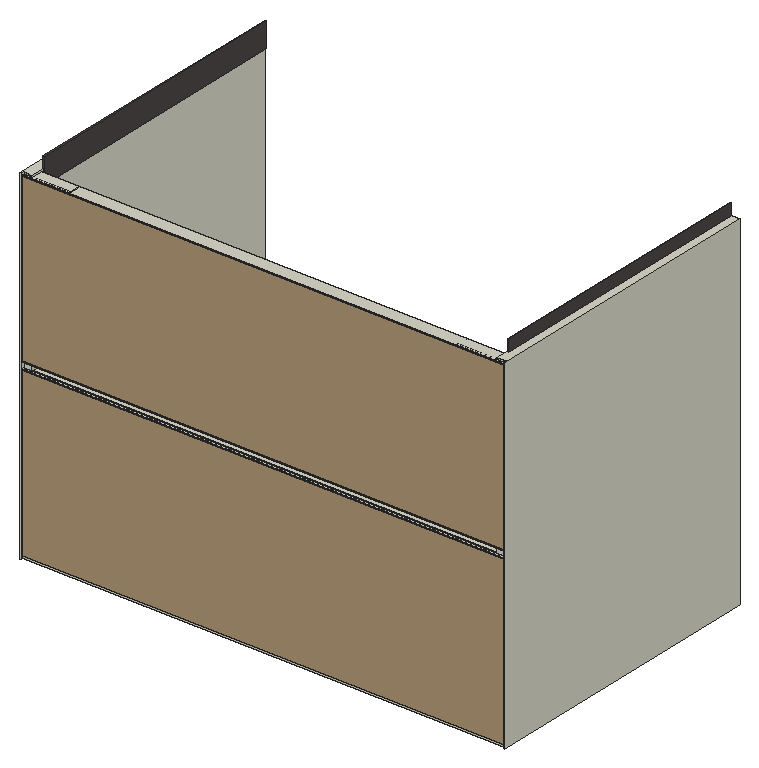
Revit family "vanity unit-hansgrohe-54179XXX-Xevolos E Vanity unit Sand Matt Beige 780_475 with 2 drawers for washbasin", category Furniture, Revit 2019
Family settings
  OmniClass Number = 23.40.00.00
  OmniClass Title = Equipment and Furnishings
  Work Plane-Based = No
  Always vertical = Yes
  Cut with Voids When Loaded = No
  Shared = Yes
  Room Calculation Point = No
Parameters (values of type "54179390-SAND_MATT_BEIGE-PATTEREND_BRONZE-400")
  etim7_EC011381 = "EC011381"
  WEIGHT = "35.4"
  UNSPSC = "56 | Furniture and Furnishings"
  UNIFORMATII = "E2010 | Fixed Furnishings"
  UNICLASS_2015_CODE = "40_30_78_05"
  UNICLASS2015 = "Pr_40_30_78_05 | Bathroom furniture"
  SURFACE = "PATTEREND_BRONZE"
  REGION = "Worldwide"
  PRODUCTURL = "https://pro.hansgrohe.com/articledetail--54179790"
  PERMALINK = "54179XXX"
  OMNICLASS = "23-21 19 15 33 13 | Residential Bathroom Specialty Casework"
  OBJECTTYPE = "Object (single object)"
  OBERFLAECHE = "SAND_MATT_BEIGE"
  NN = "Vanity unit with 2 drawers for handrinse basin"
  NBSYN = "$ARTNR.-$OBERFLAECHE.-$SURFACE.-$LODLEVEL."
  NB = "54179390-SAND_MATT_BEIGE-PATTEREND_BRONZE-400"
  NAME = "Xevolos E Vanity unit Sand Matt Beige 780/475 with 2 drawers for washbasin"
  Model = "54179390-SAND_MATT_BEIGE-PATTEREND_BRONZE-400"
  Manufacturer = "Hansgrohe"
  MIdent = "{$CADENAS_DATA/23d-libs/hansgrohe/xevolos_furniture/xevolos_vanity_unit_2_drawers_handrinse_basin/vanity_unit_2_drawers_for_handrinse_basin.prj},279 {VTYP=3D},{NB=54179390-SAND_MATT_BEIGE-PATTEREND_BRONZE-400},{LINA=54179390-SAND_MATT_BEIGE-PATTEREND_BRONZE-400},{NN=Vanity unit with 2 drawers for handrinse basin},{DATE=13.03.2023 12:26:32},{GEOMDATE=12.03.2023 06:54:00},{VERSION=},{LINEID=710},{WBVAR=LODLEVEL},{WBNUMERIC=}  {NB=54179390-SAND_MATT_BEIGE-PATTEREND_BRONZE-400},{LINA=54179390-SAND_MATT_BEIGE-PATTEREND_BRONZE-400},{KT=DUMMY},{IDNR=22},{ARTNR=54179390},{BASENUMBER=54179},{MODEL=54179XXX},{OBERFLAECHE=SAND_MATT_BEIGE},{SURFACE=PATTEREND_BRONZE},{L=780},{LODLEVEL=400},{LODLEVELX='400','400','200','200'},{NAME=Xevolos E Vanity unit Sand Matt Beige 780/475 with 2 drawers for washbasin},{PERMALINK=54179XXX},{OBJECTTYPE=Object (single object)},{BIMOBJECT=Sanitary: Compound units},{COLLECTIONSET=Xevolos E},{COLLECTION=vanity unit},{WEIGHT=35.4},{DESCRIPTION=Xevolos E Vanity unit Sand Matt Beige 780/475 with 2 drawers for washbasin},{PRODUCTURL=https://pro.hansgrohe.com/articledetail--54179790},{GTINCODE=0},{TENDERURL=0},{IFC=Furnishing element},{ETIM=EC011381 | Bathroom furniture set},{UNICLASS2015=Pr_40_30_78_05 | Bathroom furniture},{OMNICLASS=23-21 19 15 33 13 | Residential Bathroom Specialty Casework},{MASTERFORMAT=12 35 30.23 | Bathroom Casework},{UNSPSC=56 | Furniture and Furnishings},{UNIFORMATII=E2010 | Fixed Furnishings},{REGION=Worldwide},{DESIGN=Germany},{MANUFACTURER=Germany}"
  MASTERFORMAT = "12 35 30.23 | Bathroom Casework"
  LODLEVEL = "400"
  LINA = "54179390-SAND_MATT_BEIGE-PATTEREND_BRONZE-400"
  L = 780
  IFC = "Furnishing element"
  IDNR = 22
  ETIM = "EC011381 | Bathroom furniture set"
  DESIGN = "Germany"
  COLLECTIONSET = "Xevolos E"
  COLLECTION = "vanity unit"
  CATALOG = "Hansgrohe"
  BIMOBJECT = "Sanitary: Compound units"
  BASENUMBER = "54179"
  ARTNR = "54179390"
  54179790-SAND_MATT_BEIGE-METALLIC_SAND_BEIGE-400_RX0RY0RZ0TX0TY0TZ0_V = no
  54179790-SAND_MATT_BEIGE-METALLIC_SAND_BEIGE-200_RX0RY0RZ0TX0TY0TZ0_V = no
  54179730-SAND_MATT_BEIGE-DARK_OAK-400_RX0RY0RZ0TX0TY0TZ0_V = no
  54179730-SAND_MATT_BEIGE-DARK_OAK-200_RX0RY0RZ0TX0TY0TZ0_V = no
  54179390-SAND_MATT_BEIGE-PATTEREND_BRONZE-400_RX0RY0RZ0TX0TY0TZ0_V = yes
  54179390-SAND_MATT_BEIGE-PATTEREND_BRONZE-200_RX0RY0RZ0TX0TY0TZ0_V = no
Types (6, lengths in mm): name | SURFACE | NB | Model | MIdent | LODLEVEL | LINA | IDNR | ARTNR | 54179790-SAND_MATT_BEIGE-METALLIC_SAND_BEIGE-400_RX0RY0RZ0TX0TY0TZ0_V | 54179790-SAND_MATT_BEIGE-METALLIC_SAND_BEIGE-200_RX0RY0RZ0TX0TY0TZ0_V | 54179730-SAND_MATT_BEIGE-DARK_OAK-400_RX0RY0RZ0TX0TY0TZ0_V | 54179730-SAND_MATT_BEIGE-DARK_OAK-200_RX0RY0RZ0TX0TY0TZ0_V | 54179390-SAND_MATT_BEIGE-PATTEREND_BRONZE-400_RX0RY0RZ0TX0TY0TZ0_V | 54179390-SAND_MATT_BEIGE-PATTEREND_BRONZE-200_RX0RY0RZ0TX0TY0TZ0_V
  54179390-SAND_MATT_BEIGE-PATTEREND_BRONZE-200 | "PATTEREND_BRONZE" | "54179390-SAND_MATT_BEIGE-PATTEREND_BRONZE-200" | "54179390-SAND_MATT_BEIGE-PATTEREND_BRONZE-200" | "{$CADENAS_DATA/23d-libs/hansgrohe/xevolos_furniture/xevolos_vanity_unit_2_drawers_handrinse_basin/vanity_unit_2_drawers_for_handrinse_basin.prj},279 {VTYP=3D},{NB=54179390-SAND_MATT_BEIGE-PATTEREND_BRONZE-200},{LINA=54179390-SAND_MATT_BEIGE-PATTEREND_BRONZE-200},{NN=Vanity unit with 2 drawers for handrinse basin},{DATE=13.03.2023 12:26:32},{GEOMDATE=12.03.2023 06:54:00},{VERSION=},{LINEID=710},{WBVAR=LODLEVEL},{WBNUMERIC=}  {NB=54179390-SAND_MATT_BEIGE-PATTEREND_BRONZE-200},{LINA=54179390-SAND_MATT_BEIGE-PATTEREND_BRONZE-200},{KT=DUMMY},{IDNR=22},{ARTNR=54179390},{BASENUMBER=54179},{MODEL=54179XXX},{OBERFLAECHE=SAND_MATT_BEIGE},{SURFACE=PATTEREND_BRONZE},{L=780},{LODLEVEL=200},{LODLEVELX='400','400','200','200'},{NAME=Xevolos E Vanity unit Sand Matt Beige 780/475 with 2 drawers for washbasin},{PERMALINK=54179XXX},{OBJECTTYPE=Object (single object)},{BIMOBJECT=Sanitary: Compound units},{COLLECTIONSET=Xevolos E},{COLLECTION=vanity unit},{WEIGHT=35.4},{DESCRIPTION=Xevolos E Vanity unit Sand Matt Beige 780/475 with 2 drawers for washbasin},{PRODUCTURL=https://pro.hansgrohe.com/articledetail--54179790},{GTINCODE=0},{TENDERURL=0},{IFC=Furnishing element},{ETIM=EC011381 | Bathroom furniture set},{UNICLASS2015=Pr_40_30_78_05 | Bathroom furniture},{OMNICLASS=23-21 19 15 33 13 | Residential Bathroom Specialty Casework},{MASTERFORMAT=12 35 30.23 | Bathroom Casework},{UNSPSC=56 | Furniture and Furnishings},{UNIFORMATII=E2010 | Fixed Furnishings},{REGION=Worldwide},{DESIGN=Germany},{MANUFACTURER=Germany}" | "200" | "54179390-SAND_MATT_BEIGE-PATTEREND_BRONZE-200" | 22 | "54179390" | no | no | no | no | no | yes
  54179390-SAND_MATT_BEIGE-PATTEREND_BRONZE-400 | "PATTEREND_BRONZE" | "54179390-SAND_MATT_BEIGE-PATTEREND_BRONZE-400" | "54179390-SAND_MATT_BEIGE-PATTEREND_BRONZE-400" | "{$CADENAS_DATA/23d-libs/hansgrohe/xevolos_furniture/xevolos_vanity_unit_2_drawers_handrinse_basin/vanity_unit_2_drawers_for_handrinse_basin.prj},279 {VTYP=3D},{NB=54179390-SAND_MATT_BEIGE-PATTEREND_BRONZE-400},{LINA=54179390-SAND_MATT_BEIGE-PATTEREND_BRONZE-400},{NN=Vanity unit with 2 drawers for handrinse basin},{DATE=13.03.2023 12:26:32},{GEOMDATE=12.03.2023 06:54:00},{VERSION=},{LINEID=710},{WBVAR=LODLEVEL},{WBNUMERIC=}  {NB=54179390-SAND_MATT_BEIGE-PATTEREND_BRONZE-400},{LINA=54179390-SAND_MATT_BEIGE-PATTEREND_BRONZE-400},{KT=DUMMY},{IDNR=22},{ARTNR=54179390},{BASENUMBER=54179},{MODEL=54179XXX},{OBERFLAECHE=SAND_MATT_BEIGE},{SURFACE=PATTEREND_BRONZE},{L=780},{LODLEVEL=400},{LODLEVELX='400','400','200','200'},{NAME=Xevolos E Vanity unit Sand Matt Beige 780/475 with 2 drawers for washbasin},{PERMALINK=54179XXX},{OBJECTTYPE=Object (single object)},{BIMOBJECT=Sanitary: Compound units},{COLLECTIONSET=Xevolos E},{COLLECTION=vanity unit},{WEIGHT=35.4},{DESCRIPTION=Xevolos E Vanity unit Sand Matt Beige 780/475 with 2 drawers for washbasin},{PRODUCTURL=https://pro.hansgrohe.com/articledetail--54179790},{GTINCODE=0},{TENDERURL=0},{IFC=Furnishing element},{ETIM=EC011381 | Bathroom furniture set},{UNICLASS2015=Pr_40_30_78_05 | Bathroom furniture},{OMNICLASS=23-21 19 15 33 13 | Residential Bathroom Specialty Casework},{MASTERFORMAT=12 35 30.23 | Bathroom Casework},{UNSPSC=56 | Furniture and Furnishings},{UNIFORMATII=E2010 | Fixed Furnishings},{REGION=Worldwide},{DESIGN=Germany},{MANUFACTURER=Germany}" | "400" | "54179390-SAND_MATT_BEIGE-PATTEREND_BRONZE-400" | 22 | "54179390" | no | no | no | no | yes | no
  54179730-SAND_MATT_BEIGE-DARK_OAK-200 | "DARK_OAK" | "54179730-SAND_MATT_BEIGE-DARK_OAK-200" | "54179730-SAND_MATT_BEIGE-DARK_OAK-200" | "{$CADENAS_DATA/23d-libs/hansgrohe/xevolos_furniture/xevolos_vanity_unit_2_drawers_handrinse_basin/vanity_unit_2_drawers_for_handrinse_basin.prj},263 {VTYP=3D},{NB=54179730-SAND_MATT_BEIGE-DARK_OAK-200},{LINA=54179730-SAND_MATT_BEIGE-DARK_OAK-200},{NN=Vanity unit with 2 drawers for handrinse basin},{DATE=13.03.2023 12:26:32},{GEOMDATE=12.03.2023 06:54:00},{VERSION=},{LINEID=720},{WBVAR=LODLEVEL},{WBNUMERIC=}  {NB=54179730-SAND_MATT_BEIGE-DARK_OAK-200},{LINA=54179730-SAND_MATT_BEIGE-DARK_OAK-200},{KT=DUMMY},{IDNR=23},{ARTNR=54179730},{BASENUMBER=54179},{MODEL=54179XXX},{OBERFLAECHE=SAND_MATT_BEIGE},{SURFACE=DARK_OAK},{L=780},{LODLEVEL=200},{LODLEVELX='400','400','200','200'},{NAME=Xevolos E Vanity unit Sand Matt Beige 780/475 with 2 drawers for washbasin},{PERMALINK=54179XXX},{OBJECTTYPE=Object (single object)},{BIMOBJECT=Sanitary: Compound units},{COLLECTIONSET=Xevolos E},{COLLECTION=vanity unit},{WEIGHT=35.4},{DESCRIPTION=Xevolos E Vanity unit Sand Matt Beige 780/475 with 2 drawers for washbasin},{PRODUCTURL=https://pro.hansgrohe.com/articledetail--54179790},{GTINCODE=0},{TENDERURL=0},{IFC=Furnishing element},{ETIM=EC011381 | Bathroom furniture set},{UNICLASS2015=Pr_40_30_78_05 | Bathroom furniture},{OMNICLASS=23-21 19 15 33 13 | Residential Bathroom Specialty Casework},{MASTERFORMAT=12 35 30.23 | Bathroom Casework},{UNSPSC=56 | Furniture and Furnishings},{UNIFORMATII=E2010 | Fixed Furnishings},{REGION=Worldwide},{DESIGN=Germany},{MANUFACTURER=Germany}" | "200" | "54179730-SAND_MATT_BEIGE-DARK_OAK-200" | 23 | "54179730" | no | no | no | yes | no | no
  54179730-SAND_MATT_BEIGE-DARK_OAK-400 | "DARK_OAK" | "54179730-SAND_MATT_BEIGE-DARK_OAK-400" | "54179730-SAND_MATT_BEIGE-DARK_OAK-400" | "{$CADENAS_DATA/23d-libs/hansgrohe/xevolos_furniture/xevolos_vanity_unit_2_drawers_handrinse_basin/vanity_unit_2_drawers_for_handrinse_basin.prj},263 {VTYP=3D},{NB=54179730-SAND_MATT_BEIGE-DARK_OAK-400},{LINA=54179730-SAND_MATT_BEIGE-DARK_OAK-400},{NN=Vanity unit with 2 drawers for handrinse basin},{DATE=13.03.2023 12:26:32},{GEOMDATE=12.03.2023 06:54:00},{VERSION=},{LINEID=720},{WBVAR=LODLEVEL},{WBNUMERIC=}  {NB=54179730-SAND_MATT_BEIGE-DARK_OAK-400},{LINA=54179730-SAND_MATT_BEIGE-DARK_OAK-400},{KT=DUMMY},{IDNR=23},{ARTNR=54179730},{BASENUMBER=54179},{MODEL=54179XXX},{OBERFLAECHE=SAND_MATT_BEIGE},{SURFACE=DARK_OAK},{L=780},{LODLEVEL=400},{LODLEVELX='400','400','200','200'},{NAME=Xevolos E Vanity unit Sand Matt Beige 780/475 with 2 drawers for washbasin},{PERMALINK=54179XXX},{OBJECTTYPE=Object (single object)},{BIMOBJECT=Sanitary: Compound units},{COLLECTIONSET=Xevolos E},{COLLECTION=vanity unit},{WEIGHT=35.4},{DESCRIPTION=Xevolos E Vanity unit Sand Matt Beige 780/475 with 2 drawers for washbasin},{PRODUCTURL=https://pro.hansgrohe.com/articledetail--54179790},{GTINCODE=0},{TENDERURL=0},{IFC=Furnishing element},{ETIM=EC011381 | Bathroom furniture set},{UNICLASS2015=Pr_40_30_78_05 | Bathroom furniture},{OMNICLASS=23-21 19 15 33 13 | Residential Bathroom Specialty Casework},{MASTERFORMAT=12 35 30.23 | Bathroom Casework},{UNSPSC=56 | Furniture and Furnishings},{UNIFORMATII=E2010 | Fixed Furnishings},{REGION=Worldwide},{DESIGN=Germany},{MANUFACTURER=Germany}" | "400" | "54179730-SAND_MATT_BEIGE-DARK_OAK-400" | 23 | "54179730" | no | no | yes | no | no | no
  54179790-SAND_MATT_BEIGE-METALLIC_SAND_BEIGE-200 | "METALLIC_SAND_BEIGE" | "54179790-SAND_MATT_BEIGE-METALLIC_SAND_BEIGE-200" | "54179790-SAND_MATT_BEIGE-METALLIC_SAND_BEIGE-200" | "{$CADENAS_DATA/23d-libs/hansgrohe/xevolos_furniture/xevolos_vanity_unit_2_drawers_handrinse_basin/vanity_unit_2_drawers_for_handrinse_basin.prj},285 {VTYP=3D},{NB=54179790-SAND_MATT_BEIGE-METALLIC_SAND_BEIGE-200},{LINA=54179790-SAND_MATT_BEIGE-METALLIC_SAND_BEIGE-200},{NN=Vanity unit with 2 drawers for handrinse basin},{DATE=13.03.2023 12:26:32},{GEOMDATE=12.03.2023 06:54:00},{VERSION=},{LINEID=730},{WBVAR=LODLEVEL},{WBNUMERIC=}  {NB=54179790-SAND_MATT_BEIGE-METALLIC_SAND_BEIGE-200},{LINA=54179790-SAND_MATT_BEIGE-METALLIC_SAND_BEIGE-200},{KT=DUMMY},{IDNR=24},{ARTNR=54179790},{BASENUMBER=54179},{MODEL=54179XXX},{OBERFLAECHE=SAND_MATT_BEIGE},{SURFACE=METALLIC_SAND_BEIGE},{L=780},{LODLEVEL=200},{LODLEVELX='400','400','200','200'},{NAME=Xevolos E Vanity unit Sand Matt Beige 780/475 with 2 drawers for washbasin},{PERMALINK=54179XXX},{OBJECTTYPE=Object (single object)},{BIMOBJECT=Sanitary: Compound units},{COLLECTIONSET=Xevolos E},{COLLECTION=vanity unit},{WEIGHT=35.4},{DESCRIPTION=Xevolos E Vanity unit Sand Matt Beige 780/475 with 2 drawers for washbasin},{PRODUCTURL=https://pro.hansgrohe.com/articledetail--54179790},{GTINCODE=0},{TENDERURL=0},{IFC=Furnishing element},{ETIM=EC011381 | Bathroom furniture set},{UNICLASS2015=Pr_40_30_78_05 | Bathroom furniture},{OMNICLASS=23-21 19 15 33 13 | Residential Bathroom Specialty Casework},{MASTERFORMAT=12 35 30.23 | Bathroom Casework},{UNSPSC=56 | Furniture and Furnishings},{UNIFORMATII=E2010 | Fixed Furnishings},{REGION=Worldwide},{DESIGN=Germany},{MANUFACTURER=Germany}" | "200" | "54179790-SAND_MATT_BEIGE-METALLIC_SAND_BEIGE-200" | 24 | "54179790" | no | yes | no | no | no | no
  54179790-SAND_MATT_BEIGE-METALLIC_SAND_BEIGE-400 | "METALLIC_SAND_BEIGE" | "54179790-SAND_MATT_BEIGE-METALLIC_SAND_BEIGE-400" | "54179790-SAND_MATT_BEIGE-METALLIC_SAND_BEIGE-400" | "{$CADENAS_DATA/23d-libs/hansgrohe/xevolos_furniture/xevolos_vanity_unit_2_drawers_handrinse_basin/vanity_unit_2_drawers_for_handrinse_basin.prj},285 {VTYP=3D},{NB=54179790-SAND_MATT_BEIGE-METALLIC_SAND_BEIGE-400},{LINA=54179790-SAND_MATT_BEIGE-METALLIC_SAND_BEIGE-400},{NN=Vanity unit with 2 drawers for handrinse basin},{DATE=13.03.2023 12:26:32},{GEOMDATE=12.03.2023 06:54:00},{VERSION=},{LINEID=730},{WBVAR=LODLEVEL},{WBNUMERIC=}  {NB=54179790-SAND_MATT_BEIGE-METALLIC_SAND_BEIGE-400},{LINA=54179790-SAND_MATT_BEIGE-METALLIC_SAND_BEIGE-400},{KT=DUMMY},{IDNR=24},{ARTNR=54179790},{BASENUMBER=54179},{MODEL=54179XXX},{OBERFLAECHE=SAND_MATT_BEIGE},{SURFACE=METALLIC_SAND_BEIGE},{L=780},{LODLEVEL=400},{LODLEVELX='400','400','200','200'},{NAME=Xevolos E Vanity unit Sand Matt Beige 780/475 with 2 drawers for washbasin},{PERMALINK=54179XXX},{OBJECTTYPE=Object (single object)},{BIMOBJECT=Sanitary: Compound units},{COLLECTIONSET=Xevolos E},{COLLECTION=vanity unit},{WEIGHT=35.4},{DESCRIPTION=Xevolos E Vanity unit Sand Matt Beige 780/475 with 2 drawers for washbasin},{PRODUCTURL=https://pro.hansgrohe.com/articledetail--54179790},{GTINCODE=0},{TENDERURL=0},{IFC=Furnishing element},{ETIM=EC011381 | Bathroom furniture set},{UNICLASS2015=Pr_40_30_78_05 | Bathroom furniture},{OMNICLASS=23-21 19 15 33 13 | Residential Bathroom Specialty Casework},{MASTERFORMAT=12 35 30.23 | Bathroom Casework},{UNSPSC=56 | Furniture and Furnishings},{UNIFORMATII=E2010 | Fixed Furnishings},{REGION=Worldwide},{DESIGN=Germany},{MANUFACTURER=Germany}" | "400" | "54179790-SAND_MATT_BEIGE-METALLIC_SAND_BEIGE-400" | 24 | "54179790" | yes | no | no | no | no | no
Reference planes
  plane 1 "Center (Front/Back)": y = 0
  plane 2: z = 0
  plane 3 "Center (Left/Right)": x = 0
Dimensions and locks
  aligned and locked: level to plane 2
Nested families
  nested 1: "54179390-sand_matt_beige-patterend_bronze-200_content" at (0, 0, 0), visible <- "54179390-SAND_MATT_BEIGE-PATTEREND_BRONZE-200_RX0RY0RZ0TX0TY0TZ0_V", ContentVisible <- "54179390-SAND_MATT_BEIGE-PATTEREND_BRONZE-200_RX0RY0RZ0TX0TY0TZ0_V", type "54179390-SAND_MATT_BEIGE-PATTEREND_BRONZE-200_Content"
    with ContentVisible no
  nested 2: "54179390-sand_matt_beige-patterend_bronze-400_content" at (0, 0, 0), visible <- "54179390-SAND_MATT_BEIGE-PATTEREND_BRONZE-400_RX0RY0RZ0TX0TY0TZ0_V", ContentVisible <- "54179390-SAND_MATT_BEIGE-PATTEREND_BRONZE-400_RX0RY0RZ0TX0TY0TZ0_V", type "54179390-SAND_MATT_BEIGE-PATTEREND_BRONZE-400_Content"
    with ContentVisible yes
  nested 3: "54179730-sand_matt_beige-dark_oak-200_content" at (0, 0, 0), visible <- "54179730-SAND_MATT_BEIGE-DARK_OAK-200_RX0RY0RZ0TX0TY0TZ0_V", ContentVisible <- "54179730-SAND_MATT_BEIGE-DARK_OAK-200_RX0RY0RZ0TX0TY0TZ0_V", type "54179730-SAND_MATT_BEIGE-DARK_OAK-200_Content"
    with ContentVisible no
  nested 4: "54179730-sand_matt_beige-dark_oak-400_content" at (0, 0, 0), visible <- "54179730-SAND_MATT_BEIGE-DARK_OAK-400_RX0RY0RZ0TX0TY0TZ0_V", ContentVisible <- "54179730-SAND_MATT_BEIGE-DARK_OAK-400_RX0RY0RZ0TX0TY0TZ0_V", type "54179730-SAND_MATT_BEIGE-DARK_OAK-400_Content"
    with ContentVisible no
  nested 5: "54179790-sand_matt_beige-metallic_sand_beige-200_content" at (0, 0, 0), visible <- "54179790-SAND_MATT_BEIGE-METALLIC_SAND_BEIGE-200_RX0RY0RZ0TX0TY0TZ0_V", ContentVisible <- "54179790-SAND_MATT_BEIGE-METALLIC_SAND_BEIGE-200_RX0RY0RZ0TX0TY0TZ0_V", type "54179790-SAND_MATT_BEIGE-METALLIC_SAND_BEIGE-200_Content"
    with ContentVisible no
  nested 6: "54179790-sand_matt_beige-metallic_sand_beige-400_content" at (0, 0, 0), visible <- "54179790-SAND_MATT_BEIGE-METALLIC_SAND_BEIGE-400_RX0RY0RZ0TX0TY0TZ0_V", ContentVisible <- "54179790-SAND_MATT_BEIGE-METALLIC_SAND_BEIGE-400_RX0RY0RZ0TX0TY0TZ0_V", type "54179790-SAND_MATT_BEIGE-METALLIC_SAND_BEIGE-400_Content"
    with ContentVisible no
Definition of nested family "54179390-sand_matt_beige-patterend_bronze-400_content"
  Parameters (values of type "54179390-SAND_MATT_BEIGE-PATTEREND_BRONZE-400_Content")
    etim7_EC011381 = "EC011381"
    WEIGHT = "35.4"
    UNSPSC = "56 | Furniture and Furnishings"
    UNIFORMATII = "E2010 | Fixed Furnishings"
    UNICLASS_2015_CODE = "40_30_78_05"
    UNICLASS2015 = "Pr_40_30_78_05 | Bathroom furniture"
    SURFACE = "PATTEREND_BRONZE"
    REGION = "Worldwide"
    PRODUCTURL = "https://pro.hansgrohe.com/articledetail--54179790"
    PERMALINK = "54179XXX"
    OMNICLASS = "23-21 19 15 33 13 | Residential Bathroom Specialty Casework"
    OBJECTTYPE = "Object (single object)"
    OBERFLAECHE = "SAND_MATT_BEIGE"
    NN = "Vanity unit with 2 drawers for handrinse basin"
    NBSYN = "$ARTNR.-$OBERFLAECHE.-$SURFACE.-$LODLEVEL."
    NB = "54179390-SAND_MATT_BEIGE-PATTEREND_BRONZE-400"
    NAME = "Xevolos E Vanity unit Sand Matt Beige 780/475 with 2 drawers for washbasin"
    Model = "54179390-SAND_MATT_BEIGE-PATTEREND_BRONZE-400"
    Manufacturer = "Hansgrohe"
    MASTERFORMAT = "12 35 30.23 | Bathroom Casework"
    LODLEVEL = "400"
    LINA = "54179390-SAND_MATT_BEIGE-PATTEREND_BRONZE-400"
    L = 780
    IFC = "Furnishing element"
    IDNR = 22
    ETIM = "EC011381 | Bathroom furniture set"
    Default Elevation = 1219.2 mm
    DESIGN = "Germany"
    ContentVisible [instance] = yes
    COLLECTIONSET = "Xevolos E"
    COLLECTION = "vanity unit"
    CATALOG = "Hansgrohe"
    BIMOBJECT = "Sanitary: Compound units"
    BASENUMBER = "54179"
    ARTNR = "54179390"
  Reference planes
    plane 1 "Center (Front/Back)": y = 0
    plane 2: z = 0
    plane 3 "Center (Left/Right)": x = 0
  Forms (mm)
    Extrusion 1, solid, visible <- "ContentVisible", detail levels medium+fine
      sketch origin (0, 0, 0) x (1, 0, 0) y (0, 1, 0)
        loop
          line (-390, 0) -> (-390, -472.3) -> (-388, -472.3) -> (-388, -468.3) -> (-374, -468.3) -> (-374, 0) -> (-390, 0)
      from 0 to 556
    Extrusion 2, solid, visible <- "ContentVisible", detail levels medium+fine
      sketch origin (0, 0, 0) x (1, 0, 0) y (0, 1, 0)
        loop
          line (-374, -79) -> (-374, -445.5) -> (374, -445.5) -> (374, -79) -> (-374, -79)
      from 0 to 16
    Extrusion 3, solid, visible <- "ContentVisible", detail levels medium+fine
      sketch origin (0, 0, 0) x (1, 0, 0) y (0, 1, 0)
        loop
          line (374, 0) -> (374, -468.3) -> (388, -468.3) -> (388, -472.3) -> (390, -472.3) -> (390, 0) -> (374, 0)
      from 0 to 556
    Extrusion 4, solid, visible <- "ContentVisible", detail levels medium+fine
      sketch origin (0, 0, 0.5) x (1, 0, 0) y (0, 1, 0)
        loop
          line (-374, -63) -> (-374, -79) -> (374, -79) -> (374, -63) -> (-374, -63)
      from 0 to 126
    Extrusion 5, solid, visible <- "ContentVisible", detail levels medium+fine
      sketch origin (0, 0, 2) x (1, 0, 0) y (0, 1, 0)
        loop
          line (-388, -451) -> (-388, -472.3) -> (388, -472.3) -> (388, -451) -> (-388, -451)
      from 0 to 2
    Extrusion 6, solid, visible <- "ContentVisible", detail levels medium+fine
      sketch origin (0, 0, 554) x (1, 0, 0) y (0, 1, 0)
        loop
          line (-388, -451) -> (-388, -472.3) -> (388, -472.3) -> (388, -451) -> (-388, -451)
      from -2 to 0
    Extrusion 7, solid, visible <- "ContentVisible", detail levels medium+fine
      sketch origin (0, -468.3, 0) x (1, 0, 0) y (0, 0, -1)
        loop
          line (-388, -272.5) -> (388, -272.5) -> (388, -4.5) -> (-388, -4.5) -> (-388, -272.5)
      from -4 to 0
    Extrusion 8, solid, visible <- "ContentVisible", detail levels medium+fine
      sketch origin (0, -468.3, 0) x (1, 0, 0) y (0, 0, -1)
        loop
          line (-388, -553.5) -> (388, -553.5) -> (388, -285.5) -> (-388, -285.5) -> (-388, -553.5)
      from -4 to 0
    Extrusion 9, solid, visible <- "ContentVisible", detail levels medium+fine
      sketch origin (0, 0, 272.5) x (1, 0, 0) y (0, 1, 0)
        loop
          line (-388, -451) -> (-388, -472.3) -> (388, -472.3) -> (388, -451) -> (-388, -451)
      from 0 to 2
    Extrusion 10, solid, visible <- "ContentVisible", detail levels medium+fine
      sketch origin (0, 0, 285.5) x (1, 0, 0) y (0, 1, 0)
        loop
          line (-388, -451) -> (-388, -472.3) -> (388, -472.3) -> (388, -451) -> (-388, -451)
      from -2 to 0
    Extrusion 11, solid, visible <- "ContentVisible", detail levels medium+fine
      sketch origin (0, -468.3, 0) x (1, 0, 0) y (0, 0, -1)
        loop
          line (-388, -274.5) -> (388, -274.5) -> (388, -4.5) -> (-388, -4.5) -> (-388, -274.5)
        loop
          line (-314, -78) -> (-314, -272.5) -> (314, -272.5) -> (314, -78) -> (-314, -78)
      from 0 to 17
    Extrusion 12, solid, visible <- "ContentVisible", detail levels medium+fine
      sketch origin (0, -468.3, 0) x (1, 0, 0) y (0, 0, -1)
        loop
          line (-388, -553.5) -> (-312, -553.5) -> (-312, -361.5) -> (312, -361.5) -> (312, -553.5) -> (388, -553.5) -> (388, -285.5) -> (-388, -285.5) -> (-388, -553.5)
      from 0 to 17
    Extrusion 13, solid, visible <- "ContentVisible", detail levels medium+fine
      sketch origin (-374, 0, 0) x (0, 0, -1) y (0, 1, 0)
        loop
          line (-574, 0) -> (-574, -446) -> (-534, -446) -> (-534, 0) -> (-574, 0)
      from 0 to 2
    Extrusion 14, solid, visible <- "ContentVisible", detail levels medium+fine
      sketch origin (374, 0, 0) x (0, 0, -1) y (0, 1, 0)
        loop
          line (-574, 0) -> (-574, -446) -> (-534, -446) -> (-534, 0) -> (-574, 0)
      from 0 to 2
    Extrusion 15, solid, visible <- "ContentVisible", detail levels medium+fine
      sketch origin (0, 0, 0) x (0, 0, -1) y (0, 1, 0)
        loop
          line (-285, -319.5) -> (-285, -444) -> (-269, -444) -> (-269, -319.5) -> (-285, -319.5)
      from -374 to 374
    Extrusion 16, solid, visible <- "ContentVisible", detail levels coarse
      sketch origin (0, -236.15, 0) x (1, 0, 0) y (0, 1, 0)
        loop
          line (-390, -236.15) -> (390, -236.15) -> (390, 236.15) -> (-390, 236.15) -> (-390, -236.15)
      from 0 to 574
  Dimensions and locks
    aligned and locked: level to plane 2
Definition of nested family "54179390-sand_matt_beige-patterend_bronze-200_content"
  Parameters (values of type "54179390-SAND_MATT_BEIGE-PATTEREND_BRONZE-200_Content")
    etim7_EC011381 = "EC011381"
    WEIGHT = "35.4"
    UNSPSC = "56 | Furniture and Furnishings"
    UNIFORMATII = "E2010 | Fixed Furnishings"
    UNICLASS_2015_CODE = "40_30_78_05"
    UNICLASS2015 = "Pr_40_30_78_05 | Bathroom furniture"
    SURFACE = "PATTEREND_BRONZE"
    REGION = "Worldwide"
    PRODUCTURL = "https://pro.hansgrohe.com/articledetail--54179790"
    PERMALINK = "54179XXX"
    OMNICLASS = "23-21 19 15 33 13 | Residential Bathroom Specialty Casework"
    OBJECTTYPE = "Object (single object)"
    OBERFLAECHE = "SAND_MATT_BEIGE"
    NN = "Vanity unit with 2 drawers for handrinse basin"
    NBSYN = "$ARTNR.-$OBERFLAECHE.-$SURFACE.-$LODLEVEL."
    NB = "54179390-SAND_MATT_BEIGE-PATTEREND_BRONZE-200"
    NAME = "Xevolos E Vanity unit Sand Matt Beige 780/475 with 2 drawers for washbasin"
    Model = "54179390-SAND_MATT_BEIGE-PATTEREND_BRONZE-200"
    Manufacturer = "Hansgrohe"
    MASTERFORMAT = "12 35 30.23 | Bathroom Casework"
    LODLEVEL = "200"
    LINA = "54179390-SAND_MATT_BEIGE-PATTEREND_BRONZE-200"
    L = 780
    IFC = "Furnishing element"
    IDNR = 22
    ETIM = "EC011381 | Bathroom furniture set"
    Default Elevation = 1219.2 mm
    DESIGN = "Germany"
    ContentVisible [instance] = yes
    COLLECTIONSET = "Xevolos E"
    COLLECTION = "vanity unit"
    CATALOG = "Hansgrohe"
    BIMOBJECT = "Sanitary: Compound units"
    BASENUMBER = "54179"
    ARTNR = "54179390"
  Reference planes
    plane 1 "Center (Front/Back)": y = 0
    plane 2: z = 0
    plane 3 "Center (Left/Right)": x = 0
  Forms (mm)
    Extrusion 1, solid, visible <- "ContentVisible", detail levels medium+fine
      sketch origin (0, 0, 0) x (1, 0, 0) y (0, 1, 0)
        loop
          line (-390, 0) -> (-390, -468.3) -> (390, -468.3) -> (390, 0) -> (-390, 0)
      from 0 to 556
    Extrusion 2, solid, visible <- "ContentVisible", detail levels medium+fine
      sketch origin (0, -468.3, 0) x (1, 0, 0) y (0, 0, -1)
        loop
          line (-390, -278) -> (-388, -278) -> (-388, -4) -> (388, -4) -> (388, -278) -> (390, -278) -> (390, -2) -> (-390, -2) -> (-390, -278)
      from -4 to 0
    Extrusion 3, solid, visible <- "ContentVisible", detail levels medium+fine
      sketch origin (0, -468.3, 0) x (1, 0, 0) y (0, 0, -1)
        loop
          line (-390, -278) -> (-390, -554) -> (390, -554) -> (390, -278) -> (388, -278) -> (388, -552) -> (-388, -552) -> (-388, -278) -> (-390, -278)
      from -4 to 0
    Extrusion 4, solid, visible <- "ContentVisible", detail levels medium+fine
      sketch origin (0, -468.3, 0) x (1, 0, 0) y (0, 0, -1)
        loop
          line (-388, -272.5) -> (388, -272.5) -> (388, -4.5) -> (-388, -4.5) -> (-388, -272.5)
      from -4 to 0
    Extrusion 5, solid, visible <- "ContentVisible", detail levels medium+fine
      sketch origin (0, -468.3, 0) x (1, 0, 0) y (0, 0, -1)
        loop
          line (-388, -553.5) -> (388, -553.5) -> (388, -285.5) -> (-388, -285.5) -> (-388, -553.5)
      from -4 to 0
    Extrusion 6, solid, visible <- "ContentVisible", detail levels medium+fine
      sketch origin (-374, 0, 0) x (0, 0, -1) y (0, 1, 0)
        loop
          line (-574, 0) -> (-574, -446) -> (-534, -446) -> (-534, 0) -> (-574, 0)
      from 0 to 2
    Extrusion 7, solid, visible <- "ContentVisible", detail levels medium+fine
      sketch origin (374, 0, 0) x (0, 0, -1) y (0, 1, 0)
        loop
          line (-574, 0) -> (-574, -446) -> (-534, -446) -> (-534, 0) -> (-574, 0)
      from 0 to 2
    Extrusion 8, solid, visible <- "ContentVisible", detail levels coarse
      sketch origin (0, -236.15, 0) x (1, 0, 0) y (0, 1, 0)
        loop
          line (-390, -236.15) -> (390, -236.15) -> (390, 236.15) -> (-390, 236.15) -> (-390, -236.15)
      from 0 to 574
  Dimensions and locks
    aligned and locked: level to plane 2
Definition of nested family "54179730-sand_matt_beige-dark_oak-200_content"
  Parameters (values of type "54179730-SAND_MATT_BEIGE-DARK_OAK-200_Content")
    etim7_EC011381 = "EC011381"
    WEIGHT = "35.4"
    UNSPSC = "56 | Furniture and Furnishings"
    UNIFORMATII = "E2010 | Fixed Furnishings"
    UNICLASS_2015_CODE = "40_30_78_05"
    UNICLASS2015 = "Pr_40_30_78_05 | Bathroom furniture"
    SURFACE = "DARK_OAK"
    REGION = "Worldwide"
    PRODUCTURL = "https://pro.hansgrohe.com/articledetail--54179790"
    PERMALINK = "54179XXX"
    OMNICLASS = "23-21 19 15 33 13 | Residential Bathroom Specialty Casework"
    OBJECTTYPE = "Object (single object)"
    OBERFLAECHE = "SAND_MATT_BEIGE"
    NN = "Vanity unit with 2 drawers for handrinse basin"
    NBSYN = "$ARTNR.-$OBERFLAECHE.-$SURFACE.-$LODLEVEL."
    NB = "54179730-SAND_MATT_BEIGE-DARK_OAK-200"
    NAME = "Xevolos E Vanity unit Sand Matt Beige 780/475 with 2 drawers for washbasin"
    Model = "54179730-SAND_MATT_BEIGE-DARK_OAK-200"
    Manufacturer = "Hansgrohe"
    MASTERFORMAT = "12 35 30.23 | Bathroom Casework"
    LODLEVEL = "200"
    LINA = "54179730-SAND_MATT_BEIGE-DARK_OAK-200"
    L = 780
    IFC = "Furnishing element"
    IDNR = 23
    ETIM = "EC011381 | Bathroom furniture set"
    Default Elevation = 1219.2 mm
    DESIGN = "Germany"
    ContentVisible [instance] = yes
    COLLECTIONSET = "Xevolos E"
    COLLECTION = "vanity unit"
    CATALOG = "Hansgrohe"
    BIMOBJECT = "Sanitary: Compound units"
    BASENUMBER = "54179"
    ARTNR = "54179730"
  Reference planes
    plane 1 "Center (Front/Back)": y = 0
    plane 2: z = 0
    plane 3 "Center (Left/Right)": x = 0
  Forms (mm)
    Extrusion 1, solid, visible <- "ContentVisible", detail levels medium+fine
      sketch origin (0, 0, 0) x (1, 0, 0) y (0, 1, 0)
        loop
          line (-390, 0) -> (-390, -468.3) -> (390, -468.3) -> (390, 0) -> (-390, 0)
      from 0 to 556
    Extrusion 2, solid, visible <- "ContentVisible", detail levels medium+fine
      sketch origin (0, -468.3, 0) x (1, 0, 0) y (0, 0, -1)
        loop
          line (-390, -278) -> (-388, -278) -> (-388, -4) -> (388, -4) -> (388, -278) -> (390, -278) -> (390, -2) -> (-390, -2) -> (-390, -278)
      from -4 to 0
    Extrusion 3, solid, visible <- "ContentVisible", detail levels medium+fine
      sketch origin (0, -468.3, 0) x (1, 0, 0) y (0, 0, -1)
        loop
          line (-390, -278) -> (-390, -554) -> (390, -554) -> (390, -278) -> (388, -278) -> (388, -552) -> (-388, -552) -> (-388, -278) -> (-390, -278)
      from -4 to 0
    Extrusion 4, solid, visible <- "ContentVisible", detail levels medium+fine
      sketch origin (0, -468.3, 0) x (1, 0, 0) y (0, 0, -1)
        loop
          line (-388, -272.5) -> (388, -272.5) -> (388, -4.5) -> (-388, -4.5) -> (-388, -272.5)
      from -4 to 0
    Extrusion 5, solid, visible <- "ContentVisible", detail levels medium+fine
      sketch origin (0, -468.3, 0) x (1, 0, 0) y (0, 0, -1)
        loop
          line (-388, -553.5) -> (388, -553.5) -> (388, -285.5) -> (-388, -285.5) -> (-388, -553.5)
      from -4 to 0
    Extrusion 6, solid, visible <- "ContentVisible", detail levels medium+fine
      sketch origin (-374, 0, 0) x (0, 0, -1) y (0, 1, 0)
        loop
          line (-574, 0) -> (-574, -446) -> (-534, -446) -> (-534, 0) -> (-574, 0)
      from 0 to 2
    Extrusion 7, solid, visible <- "ContentVisible", detail levels medium+fine
      sketch origin (374, 0, 0) x (0, 0, -1) y (0, 1, 0)
        loop
          line (-574, 0) -> (-574, -446) -> (-534, -446) -> (-534, 0) -> (-574, 0)
      from 0 to 2
    Extrusion 8, solid, visible <- "ContentVisible", detail levels coarse
      sketch origin (0, -236.15, 0) x (1, 0, 0) y (0, 1, 0)
        loop
          line (-390, -236.15) -> (390, -236.15) -> (390, 236.15) -> (-390, 236.15) -> (-390, -236.15)
      from 0 to 574
  Dimensions and locks
    aligned and locked: level to plane 2
Definition of nested family "54179730-sand_matt_beige-dark_oak-400_content"
  Parameters (values of type "54179730-SAND_MATT_BEIGE-DARK_OAK-400_Content")
    etim7_EC011381 = "EC011381"
    WEIGHT = "35.4"
    UNSPSC = "56 | Furniture and Furnishings"
    UNIFORMATII = "E2010 | Fixed Furnishings"
    UNICLASS_2015_CODE = "40_30_78_05"
    UNICLASS2015 = "Pr_40_30_78_05 | Bathroom furniture"
    SURFACE = "DARK_OAK"
    REGION = "Worldwide"
    PRODUCTURL = "https://pro.hansgrohe.com/articledetail--54179790"
    PERMALINK = "54179XXX"
    OMNICLASS = "23-21 19 15 33 13 | Residential Bathroom Specialty Casework"
    OBJECTTYPE = "Object (single object)"
    OBERFLAECHE = "SAND_MATT_BEIGE"
    NN = "Vanity unit with 2 drawers for handrinse basin"
    NBSYN = "$ARTNR.-$OBERFLAECHE.-$SURFACE.-$LODLEVEL."
    NB = "54179730-SAND_MATT_BEIGE-DARK_OAK-400"
    NAME = "Xevolos E Vanity unit Sand Matt Beige 780/475 with 2 drawers for washbasin"
    Model = "54179730-SAND_MATT_BEIGE-DARK_OAK-400"
    Manufacturer = "Hansgrohe"
    MASTERFORMAT = "12 35 30.23 | Bathroom Casework"
    LODLEVEL = "400"
    LINA = "54179730-SAND_MATT_BEIGE-DARK_OAK-400"
    L = 780
    IFC = "Furnishing element"
    IDNR = 23
    ETIM = "EC011381 | Bathroom furniture set"
    Default Elevation = 1219.2 mm
    DESIGN = "Germany"
    ContentVisible [instance] = yes
    COLLECTIONSET = "Xevolos E"
    COLLECTION = "vanity unit"
    CATALOG = "Hansgrohe"
    BIMOBJECT = "Sanitary: Compound units"
    BASENUMBER = "54179"
    ARTNR = "54179730"
  Reference planes
    plane 1 "Center (Front/Back)": y = 0
    plane 2: z = 0
    plane 3 "Center (Left/Right)": x = 0
  Forms (mm)
    Extrusion 1, solid, visible <- "ContentVisible", detail levels medium+fine
      sketch origin (0, 0, 0) x (1, 0, 0) y (0, 1, 0)
        loop
          line (-390, 0) -> (-390, -472.3) -> (-388, -472.3) -> (-388, -468.3) -> (-374, -468.3) -> (-374, 0) -> (-390, 0)
      from 0 to 556
    Extrusion 2, solid, visible <- "ContentVisible", detail levels medium+fine
      sketch origin (0, 0, 0) x (1, 0, 0) y (0, 1, 0)
        loop
          line (-374, -79) -> (-374, -445.5) -> (374, -445.5) -> (374, -79) -> (-374, -79)
      from 0 to 16
    Extrusion 3, solid, visible <- "ContentVisible", detail levels medium+fine
      sketch origin (0, 0, 0) x (1, 0, 0) y (0, 1, 0)
        loop
          line (374, 0) -> (374, -468.3) -> (388, -468.3) -> (388, -472.3) -> (390, -472.3) -> (390, 0) -> (374, 0)
      from 0 to 556
    Extrusion 4, solid, visible <- "ContentVisible", detail levels medium+fine
      sketch origin (0, 0, 0.5) x (1, 0, 0) y (0, 1, 0)
        loop
          line (-374, -63) -> (-374, -79) -> (374, -79) -> (374, -63) -> (-374, -63)
      from 0 to 126
    Extrusion 5, solid, visible <- "ContentVisible", detail levels medium+fine
      sketch origin (0, 0, 2) x (1, 0, 0) y (0, 1, 0)
        loop
          line (-388, -451) -> (-388, -472.3) -> (388, -472.3) -> (388, -451) -> (-388, -451)
      from 0 to 2
    Extrusion 6, solid, visible <- "ContentVisible", detail levels medium+fine
      sketch origin (0, 0, 554) x (1, 0, 0) y (0, 1, 0)
        loop
          line (-388, -451) -> (-388, -472.3) -> (388, -472.3) -> (388, -451) -> (-388, -451)
      from -2 to 0
    Extrusion 7, solid, visible <- "ContentVisible", detail levels medium+fine
      sketch origin (0, -468.3, 0) x (1, 0, 0) y (0, 0, -1)
        loop
          line (-388, -272.5) -> (388, -272.5) -> (388, -4.5) -> (-388, -4.5) -> (-388, -272.5)
      from -4 to 0
    Extrusion 8, solid, visible <- "ContentVisible", detail levels medium+fine
      sketch origin (0, -468.3, 0) x (1, 0, 0) y (0, 0, -1)
        loop
          line (-388, -553.5) -> (388, -553.5) -> (388, -285.5) -> (-388, -285.5) -> (-388, -553.5)
      from -4 to 0
    Extrusion 9, solid, visible <- "ContentVisible", detail levels medium+fine
      sketch origin (0, 0, 272.5) x (1, 0, 0) y (0, 1, 0)
        loop
          line (-388, -451) -> (-388, -472.3) -> (388, -472.3) -> (388, -451) -> (-388, -451)
      from 0 to 2
    Extrusion 10, solid, visible <- "ContentVisible", detail levels medium+fine
      sketch origin (0, 0, 285.5) x (1, 0, 0) y (0, 1, 0)
        loop
          line (-388, -451) -> (-388, -472.3) -> (388, -472.3) -> (388, -451) -> (-388, -451)
      from -2 to 0
    Extrusion 11, solid, visible <- "ContentVisible", detail levels medium+fine
      sketch origin (0, -468.3, 0) x (1, 0, 0) y (0, 0, -1)
        loop
          line (-388, -274.5) -> (388, -274.5) -> (388, -4.5) -> (-388, -4.5) -> (-388, -274.5)
        loop
          line (-314, -78) -> (-314, -272.5) -> (314, -272.5) -> (314, -78) -> (-314, -78)
      from 0 to 17
    Extrusion 12, solid, visible <- "ContentVisible", detail levels medium+fine
      sketch origin (0, -468.3, 0) x (1, 0, 0) y (0, 0, -1)
        loop
          line (-388, -553.5) -> (-312, -553.5) -> (-312, -361.5) -> (312, -361.5) -> (312, -553.5) -> (388, -553.5) -> (388, -285.5) -> (-388, -285.5) -> (-388, -553.5)
      from 0 to 17
    Extrusion 13, solid, visible <- "ContentVisible", detail levels medium+fine
      sketch origin (-374, 0, 0) x (0, 0, -1) y (0, 1, 0)
        loop
          line (-574, 0) -> (-574, -446) -> (-534, -446) -> (-534, 0) -> (-574, 0)
      from 0 to 2
    Extrusion 14, solid, visible <- "ContentVisible", detail levels medium+fine
      sketch origin (374, 0, 0) x (0, 0, -1) y (0, 1, 0)
        loop
          line (-574, 0) -> (-574, -446) -> (-534, -446) -> (-534, 0) -> (-574, 0)
      from 0 to 2
    Extrusion 15, solid, visible <- "ContentVisible", detail levels medium+fine
      sketch origin (0, 0, 0) x (0, 0, -1) y (0, 1, 0)
        loop
          line (-285, -319.5) -> (-285, -444) -> (-269, -444) -> (-269, -319.5) -> (-285, -319.5)
      from -374 to 374
    Extrusion 16, solid, visible <- "ContentVisible", detail levels coarse
      sketch origin (0, -236.15, 0) x (1, 0, 0) y (0, 1, 0)
        loop
          line (-390, -236.15) -> (390, -236.15) -> (390, 236.15) -> (-390, 236.15) -> (-390, -236.15)
      from 0 to 574
  Dimensions and locks
    aligned and locked: level to plane 2
Definition of nested family "54179790-sand_matt_beige-metallic_sand_beige-200_content"
  Parameters (values of type "54179790-SAND_MATT_BEIGE-METALLIC_SAND_BEIGE-200_Content")
    etim7_EC011381 = "EC011381"
    WEIGHT = "35.4"
    UNSPSC = "56 | Furniture and Furnishings"
    UNIFORMATII = "E2010 | Fixed Furnishings"
    UNICLASS_2015_CODE = "40_30_78_05"
    UNICLASS2015 = "Pr_40_30_78_05 | Bathroom furniture"
    SURFACE = "METALLIC_SAND_BEIGE"
    REGION = "Worldwide"
    PRODUCTURL = "https://pro.hansgrohe.com/articledetail--54179790"
    PERMALINK = "54179XXX"
    OMNICLASS = "23-21 19 15 33 13 | Residential Bathroom Specialty Casework"
    OBJECTTYPE = "Object (single object)"
    OBERFLAECHE = "SAND_MATT_BEIGE"
    NN = "Vanity unit with 2 drawers for handrinse basin"
    NBSYN = "$ARTNR.-$OBERFLAECHE.-$SURFACE.-$LODLEVEL."
    NB = "54179790-SAND_MATT_BEIGE-METALLIC_SAND_BEIGE-200"
    NAME = "Xevolos E Vanity unit Sand Matt Beige 780/475 with 2 drawers for washbasin"
    Model = "54179790-SAND_MATT_BEIGE-METALLIC_SAND_BEIGE-200"
    Manufacturer = "Hansgrohe"
    MASTERFORMAT = "12 35 30.23 | Bathroom Casework"
    LODLEVEL = "200"
    LINA = "54179790-SAND_MATT_BEIGE-METALLIC_SAND_BEIGE-200"
    L = 780
    IFC = "Furnishing element"
    IDNR = 24
    ETIM = "EC011381 | Bathroom furniture set"
    Default Elevation = 1219.2 mm
    DESIGN = "Germany"
    ContentVisible [instance] = yes
    COLLECTIONSET = "Xevolos E"
    COLLECTION = "vanity unit"
    CATALOG = "Hansgrohe"
    BIMOBJECT = "Sanitary: Compound units"
    BASENUMBER = "54179"
    ARTNR = "54179790"
  Reference planes
    plane 1 "Center (Front/Back)": y = 0
    plane 2: z = 0
    plane 3 "Center (Left/Right)": x = 0
  Forms (mm)
    Extrusion 1, solid, visible <- "ContentVisible", detail levels medium+fine
      sketch origin (0, 0, 0) x (1, 0, 0) y (0, 1, 0)
        loop
          line (-390, 0) -> (-390, -468.3) -> (390, -468.3) -> (390, 0) -> (-390, 0)
      from 0 to 556
    Extrusion 2, solid, visible <- "ContentVisible", detail levels medium+fine
      sketch origin (0, -468.3, 0) x (1, 0, 0) y (0, 0, -1)
        loop
          line (-390, -278) -> (-388, -278) -> (-388, -4) -> (388, -4) -> (388, -278) -> (390, -278) -> (390, -2) -> (-390, -2) -> (-390, -278)
      from -4 to 0
    Extrusion 3, solid, visible <- "ContentVisible", detail levels medium+fine
      sketch origin (0, -468.3, 0) x (1, 0, 0) y (0, 0, -1)
        loop
          line (-390, -278) -> (-390, -554) -> (390, -554) -> (390, -278) -> (388, -278) -> (388, -552) -> (-388, -552) -> (-388, -278) -> (-390, -278)
      from -4 to 0
    Extrusion 4, solid, visible <- "ContentVisible", detail levels medium+fine
      sketch origin (0, -468.3, 0) x (1, 0, 0) y (0, 0, -1)
        loop
          line (-388, -272.5) -> (388, -272.5) -> (388, -4.5) -> (-388, -4.5) -> (-388, -272.5)
      from -4 to 0
    Extrusion 5, solid, visible <- "ContentVisible", detail levels medium+fine
      sketch origin (0, -468.3, 0) x (1, 0, 0) y (0, 0, -1)
        loop
          line (-388, -553.5) -> (388, -553.5) -> (388, -285.5) -> (-388, -285.5) -> (-388, -553.5)
      from -4 to 0
    Extrusion 6, solid, visible <- "ContentVisible", detail levels medium+fine
      sketch origin (-374, 0, 0) x (0, 0, -1) y (0, 1, 0)
        loop
          line (-574, 0) -> (-574, -446) -> (-534, -446) -> (-534, 0) -> (-574, 0)
      from 0 to 2
    Extrusion 7, solid, visible <- "ContentVisible", detail levels medium+fine
      sketch origin (374, 0, 0) x (0, 0, -1) y (0, 1, 0)
        loop
          line (-574, 0) -> (-574, -446) -> (-534, -446) -> (-534, 0) -> (-574, 0)
      from 0 to 2
    Extrusion 8, solid, visible <- "ContentVisible", detail levels coarse
      sketch origin (0, -236.15, 0) x (1, 0, 0) y (0, 1, 0)
        loop
          line (-390, -236.15) -> (390, -236.15) -> (390, 236.15) -> (-390, 236.15) -> (-390, -236.15)
      from 0 to 574
  Dimensions and locks
    aligned and locked: level to plane 2
Definition of nested family "54179790-sand_matt_beige-metallic_sand_beige-400_content"
  Parameters (values of type "54179790-SAND_MATT_BEIGE-METALLIC_SAND_BEIGE-400_Content")
    etim7_EC011381 = "EC011381"
    WEIGHT = "35.4"
    UNSPSC = "56 | Furniture and Furnishings"
    UNIFORMATII = "E2010 | Fixed Furnishings"
    UNICLASS_2015_CODE = "40_30_78_05"
    UNICLASS2015 = "Pr_40_30_78_05 | Bathroom furniture"
    SURFACE = "METALLIC_SAND_BEIGE"
    REGION = "Worldwide"
    PRODUCTURL = "https://pro.hansgrohe.com/articledetail--54179790"
    PERMALINK = "54179XXX"
    OMNICLASS = "23-21 19 15 33 13 | Residential Bathroom Specialty Casework"
    OBJECTTYPE = "Object (single object)"
    OBERFLAECHE = "SAND_MATT_BEIGE"
    NN = "Vanity unit with 2 drawers for handrinse basin"
    NBSYN = "$ARTNR.-$OBERFLAECHE.-$SURFACE.-$LODLEVEL."
    NB = "54179790-SAND_MATT_BEIGE-METALLIC_SAND_BEIGE-400"
    NAME = "Xevolos E Vanity unit Sand Matt Beige 780/475 with 2 drawers for washbasin"
    Model = "54179790-SAND_MATT_BEIGE-METALLIC_SAND_BEIGE-400"
    Manufacturer = "Hansgrohe"
    MASTERFORMAT = "12 35 30.23 | Bathroom Casework"
    LODLEVEL = "400"
    LINA = "54179790-SAND_MATT_BEIGE-METALLIC_SAND_BEIGE-400"
    L = 780
    IFC = "Furnishing element"
    IDNR = 24
    ETIM = "EC011381 | Bathroom furniture set"
    Default Elevation = 1219.2 mm
    DESIGN = "Germany"
    ContentVisible [instance] = yes
    COLLECTIONSET = "Xevolos E"
    COLLECTION = "vanity unit"
    CATALOG = "Hansgrohe"
    BIMOBJECT = "Sanitary: Compound units"
    BASENUMBER = "54179"
    ARTNR = "54179790"
  Reference planes
    plane 1 "Center (Front/Back)": y = 0
    plane 2: z = 0
    plane 3 "Center (Left/Right)": x = 0
  Forms (mm)
    Extrusion 1, solid, visible <- "ContentVisible", detail levels medium+fine
      sketch origin (0, 0, 0) x (1, 0, 0) y (0, 1, 0)
        loop
          line (-390, 0) -> (-390, -472.3) -> (-388, -472.3) -> (-388, -468.3) -> (-374, -468.3) -> (-374, 0) -> (-390, 0)
      from 0 to 556
    Extrusion 2, solid, visible <- "ContentVisible", detail levels medium+fine
      sketch origin (0, 0, 0) x (1, 0, 0) y (0, 1, 0)
        loop
          line (-374, -79) -> (-374, -445.5) -> (374, -445.5) -> (374, -79) -> (-374, -79)
      from 0 to 16
    Extrusion 3, solid, visible <- "ContentVisible", detail levels medium+fine
      sketch origin (0, 0, 0) x (1, 0, 0) y (0, 1, 0)
        loop
          line (374, 0) -> (374, -468.3) -> (388, -468.3) -> (388, -472.3) -> (390, -472.3) -> (390, 0) -> (374, 0)
      from 0 to 556
    Extrusion 4, solid, visible <- "ContentVisible", detail levels medium+fine
      sketch origin (0, 0, 0.5) x (1, 0, 0) y (0, 1, 0)
        loop
          line (-374, -63) -> (-374, -79) -> (374, -79) -> (374, -63) -> (-374, -63)
      from 0 to 126
    Extrusion 5, solid, visible <- "ContentVisible", detail levels medium+fine
      sketch origin (0, 0, 2) x (1, 0, 0) y (0, 1, 0)
        loop
          line (-388, -451) -> (-388, -472.3) -> (388, -472.3) -> (388, -451) -> (-388, -451)
      from 0 to 2
    Extrusion 6, solid, visible <- "ContentVisible", detail levels medium+fine
      sketch origin (0, 0, 554) x (1, 0, 0) y (0, 1, 0)
        loop
          line (-388, -451) -> (-388, -472.3) -> (388, -472.3) -> (388, -451) -> (-388, -451)
      from -2 to 0
    Extrusion 7, solid, visible <- "ContentVisible", detail levels medium+fine
      sketch origin (0, -468.3, 0) x (1, 0, 0) y (0, 0, -1)
        loop
          line (-388, -272.5) -> (388, -272.5) -> (388, -4.5) -> (-388, -4.5) -> (-388, -272.5)
      from -4 to 0
    Extrusion 8, solid, visible <- "ContentVisible", detail levels medium+fine
      sketch origin (0, -468.3, 0) x (1, 0, 0) y (0, 0, -1)
        loop
          line (-388, -553.5) -> (388, -553.5) -> (388, -285.5) -> (-388, -285.5) -> (-388, -553.5)
      from -4 to 0
    Extrusion 9, solid, visible <- "ContentVisible", detail levels medium+fine
      sketch origin (0, 0, 272.5) x (1, 0, 0) y (0, 1, 0)
        loop
          line (-388, -451) -> (-388, -472.3) -> (388, -472.3) -> (388, -451) -> (-388, -451)
      from 0 to 2
    Extrusion 10, solid, visible <- "ContentVisible", detail levels medium+fine
      sketch origin (0, 0, 285.5) x (1, 0, 0) y (0, 1, 0)
        loop
          line (-388, -451) -> (-388, -472.3) -> (388, -472.3) -> (388, -451) -> (-388, -451)
      from -2 to 0
    Extrusion 11, solid, visible <- "ContentVisible", detail levels medium+fine
      sketch origin (0, -468.3, 0) x (1, 0, 0) y (0, 0, -1)
        loop
          line (-388, -274.5) -> (388, -274.5) -> (388, -4.5) -> (-388, -4.5) -> (-388, -274.5)
        loop
          line (-314, -78) -> (-314, -272.5) -> (314, -272.5) -> (314, -78) -> (-314, -78)
      from 0 to 17
    Extrusion 12, solid, visible <- "ContentVisible", detail levels medium+fine
      sketch origin (0, -468.3, 0) x (1, 0, 0) y (0, 0, -1)
        loop
          line (-388, -553.5) -> (-312, -553.5) -> (-312, -361.5) -> (312, -361.5) -> (312, -553.5) -> (388, -553.5) -> (388, -285.5) -> (-388, -285.5) -> (-388, -553.5)
      from 0 to 17
    Extrusion 13, solid, visible <- "ContentVisible", detail levels medium+fine
      sketch origin (-374, 0, 0) x (0, 0, -1) y (0, 1, 0)
        loop
          line (-574, 0) -> (-574, -446) -> (-534, -446) -> (-534, 0) -> (-574, 0)
      from 0 to 2
    Extrusion 14, solid, visible <- "ContentVisible", detail levels medium+fine
      sketch origin (374, 0, 0) x (0, 0, -1) y (0, 1, 0)
        loop
          line (-574, 0) -> (-574, -446) -> (-534, -446) -> (-534, 0) -> (-574, 0)
      from 0 to 2
    Extrusion 15, solid, visible <- "ContentVisible", detail levels medium+fine
      sketch origin (0, 0, 0) x (0, 0, -1) y (0, 1, 0)
        loop
          line (-285, -319.5) -> (-285, -444) -> (-269, -444) -> (-269, -319.5) -> (-285, -319.5)
      from -374 to 374
    Extrusion 16, solid, visible <- "ContentVisible", detail levels coarse
      sketch origin (0, -236.15, 0) x (1, 0, 0) y (0, 1, 0)
        loop
          line (-390, -236.15) -> (390, -236.15) -> (390, 236.15) -> (-390, 236.15) -> (-390, -236.15)
      from 0 to 574
  Dimensions and locks
    aligned and locked: level to plane 2
